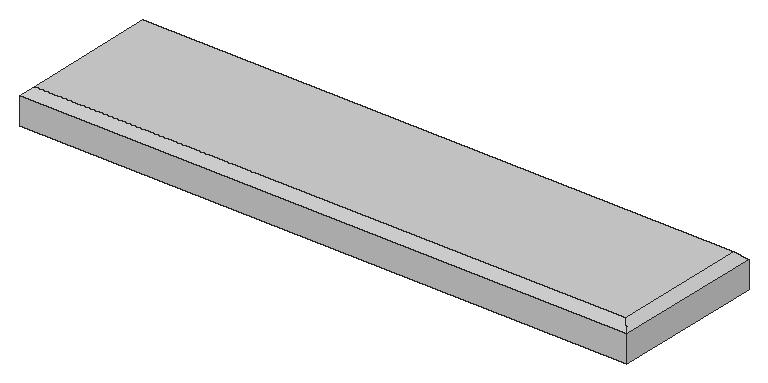
Revit family "6 X 24 RECTANGLE", category Specialty Equipment, Revit 2023
Family settings
  Round Connector Dimension = Use Diameter
  Part Type = Normal
  OmniClass Number = 23.35.00.00
  OmniClass Title = Covering, Cladding, and Finishes
  Work Plane-Based = Yes
  Enable Cutting in Views = Yes
  Always vertical = No
  Cut with Voids When Loaded = No
  Maintain Annotation Orientation = No
  Shared = No
  Room Calculation Point = No
Parameters (values of type "1-3/8 inch thick Primed White")
  URL = "https://www.acousticalsurfaces.com/envirocoustic-wood-wool/shapes/"
  Type Comments = "Acoustic Panels"
  Thickness = 0' - 1 3/8"
  Recycled Content Percentage = "0%"
  Model = "Envirocoustic Wood Wool"
  Material = "Envirocoustic Wood Wool"
  Manufacturer = "Acoustical Surfaces, Inc."
  Fire Rating = "ASTM E84 - Class A"
  Finish = Paint - Acoustical-Surfaces - Primed White
  Description = "Acoustic Panels"
  Default Elevation = 0' - 0"
  Assembly Code = "C30"
  Acoustics - NRC = "Sound absorption varies from NRC 0.45 to 0.95 based on installation method used when tested per ASTM C423."
Types (9): name | Thickness | Finish
  1-3/8 inch thick Primed White | 0' - 1 3/8" | Paint - Acoustical-Surfaces - Primed White
  1-3/8 inch thick Primed Clear | 0' - 1 3/8" | Paint - Acoustical-Surfaces - Primed Clear
  1-3/8 inch thick Custom Painted | 0' - 1 3/8" | Paint - Acoustical-Surfaces - Custom Painted
  2 inch thick Primed White | 0' - 2" | Paint - Acoustical-Surfaces - Primed White
  2 inch thick Primed Clear | 0' - 2" | Paint - Acoustical-Surfaces - Primed Clear
  2 inch thick Custom Painted | 0' - 2" | Paint - Acoustical-Surfaces - Custom Painted
  1 inch thick Primed White | 0' - 1" | Paint - Acoustical-Surfaces - Primed White
  1 inch thick Primed Clear | 0' - 1" | Paint - Acoustical-Surfaces - Primed Clear
  1 inch thick Custom Painted | 0' - 1" | Paint - Acoustical-Surfaces - Custom Painted
Reference planes (in)
  plane 1 "Center (Front/Back)": y = 0
  plane 2: z = 0
  plane 3 "Center (Left/Right)": x = 0
  plane 4: x = -12
  plane 5: x = 12
  plane 6: y = 3
  plane 7: y = -3
  plane 8: z = 1.375
  plane 9: z = -1
Forms (in)
  Extrusion 1, solid, material "Paint - Acoustical-Surfaces - Primed White" <- "Finish"
    sketch origin (0, 0, 0) x (1, 0, 0) y (0, 1, 0)
      loop
        line (12, 3) -> (-12, 3) -> (-12, -3) -> (12, -3) -> (12, 3)
    from 0 to 1.375
  Sweep 2, void
    path in 3D
      loop
        line (12, 3, 1.375) -> (-12, 3, 1.375) -> (-12, -3, 1.375) -> (12, -3, 1.375) -> (12, 3, 1.375)
    profile "Triangle : Family2" origin (12, 0, 1.375) x (-1, 0, 0) y (0, 0, 1)
      loop
        line (0, 0) -> (0, -0.315) -> (0.315, 0) -> (0, 0)
Cuts and joins
  Sweep 2 cuts Extrusion 1
Lines and regions (in)
  sketch lines
    curve 1: line (12, -3, 1.375) -> (12, 3, 1.375)
    curve 2: line (-12, -3, 1.375) -> (12, -3, 1.375)
    curve 3: line (-12, 3, 1.375) -> (-12, -3, 1.375)
    curve 4: line (12, 3, 1.375) -> (-12, 3, 1.375)
Dimensions and locks (in)
  equal spacing: plane 4, plane 3 "Center (Left/Right)", plane 5
  equal spacing: plane 7, plane 1 "Center (Front/Back)", plane 6
  plane 7 to plane 6 = 0' - 6"
  plane 4 to plane 5 = 2' - 0"
  "Thickness": plane 8 to level
  level to plane 9 = 0' - 1"
  aligned and locked: level to plane 2
  aligned and locked: Extrusion 1 sketch curve to plane 4
  aligned and locked: plane 5 to Extrusion 1 sketch curve
  aligned and locked: Extrusion 1 sketch curve to plane 6
  aligned and locked: Extrusion 1 sketch curve to plane 7
  aligned and locked: Extrusion 1 to plane 8
